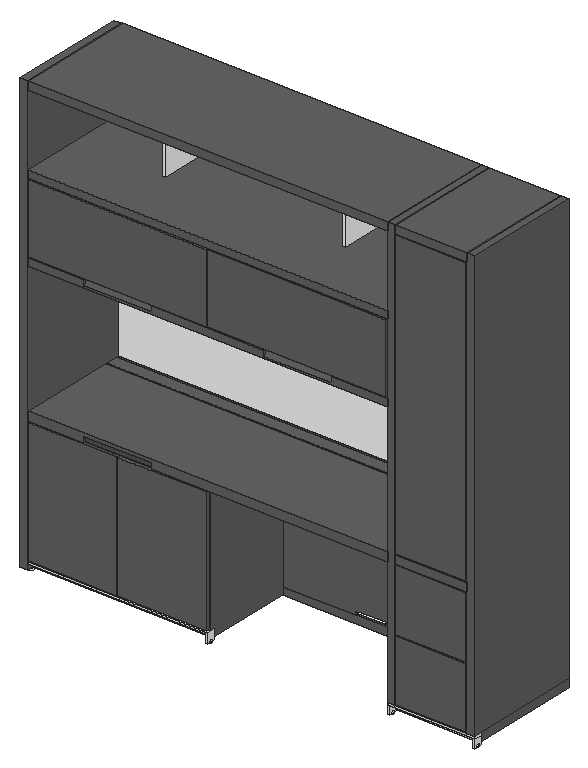
Revit family "Storage-Wall-Teknion-ZXRL_90_High_With_Lights-R2011", category Furniture Systems, Revit 2013
Parameters (values of type "(See Type Catalog)")
  Working Wall Finish [instance] = Glass - Teknion - K6 - White Backpainted
  Width = 92.642"
  Warranty = "http://www.teknionstudio.com/pdfs/Teknion%20Studio%20Warranty.pdf"
  Wall Unit Finish [instance] = Veneer - Teknion - P7 - Grey Oak
  Voltage = 120 V
  Unit Weight = 755.00 lbf
  URL = "www.teknionstudio.com"
  Tabletop Cutout Offset = if(Has Double Doors, 0", 4")  # 0"
  Storage Tower = Storage-Unit-Teknion-Tower : Upper Wardrobe & File/File Pedestal
  Series = "B&B Italia"
  Product Page URL = "http://www.teknionstudio.com/acexecutive/"
  Product Line = "AC Executive"
  Product Documentation Link = "http://www.teknionstudio.com/pricing/ac_executive_storage_walls_ppg.pdf"
  Power Factor = 1
  Part Number = "ZXRL"
  Number of Poles = 1
  Model = ""
  Manufacturer Phone = "919-464-2920"
  Manufacturer Fax = "919-464-2927"
  Manufacturer Email = "customersupport@teknionstudio.com"
  Manufacturer Address = "3940 US 70 Business HWY West, Clayton, NC 27520"
  Manufacturer = "Teknion Studio"  # constant formula
  Low Emitting Material = yes
  Low Emitting Finish = yes
  Height = 89.96"
  Has File File Drawers = not(Has Double Doors)  # no
  Has Double Doors = yes
  Description = ""
  Depth = 24"
  Assembly Code = "E2020200"
  Apparent Load = 22.8 VA
Reference planes (in)
  plane 1 "Center F/B": y = 0
  plane 2: z = 0
  plane 3 "Center L/R": x = 0
  plane 4 "Left": x = -46.321
  plane 5 "Right": x = 46.321
  plane 6 "Back": y = 12
  plane 7 "Front": y = -12
  plane 8 "Flip up Cabinets Top": z = 73.81394
  plane 9: x = 28.60446
  plane 10: z = 29.68402
  plane 11: z = 56.1289
  plane 12: x = -44.7815
  plane 13: z = 2.1289
  plane 14: x = -8.08858
  plane 15 "Foot Centerline": y = -11.2126
  plane 16 "Tabletop Cutout": y = -12
  plane 17 "Foot Centerline Front": y = -10.22835
  plane 18 "Foot Centerline Back": y = 10.22835
  plane 19 "Top": z = 89.96
  plane 20 "Center Lighting": y = -8.484
Forms (in)
  Sweep 1, solid, material "Veneer - Teknion - P7 - Grey Oak" <- "Wall Unit Finish"
    path origin (0, 0, 15.40683) x (-1, 0, 0) y (0, -1, 0)
      loop
        line (0, -12) -> (0, 12)
    profile origin (0, 0, 15.40683) x (1, 0, 0) y (0, 0, 1)
      loop
        line (-46.321, -14.81732) -> (-44.7815, -14.81732) -> (-44.7815, 74.55317) -> (-46.321, 74.55317) -> (-46.321, -14.81732)
  Sweep 2, solid, material "Metal - Teknion - C6 - Chrome"
    path origin (0, 0, 0) x (1, 0, 0) y (0, 0, 1)
      loop
        line (-44.7815, 2.1289) -> (-8.08858, 2.1289) -> (-8.08858, 0.05803)
    profile origin (-26.43504, 0, 2.1289) x (0, 0, 1) y (0, -1, 0)
      loop
        line (0, 12) -> (-0.394, 12) -> (-0.394, 10.4252) -> (0, 10.4252) -> (0, 12)
  Sweep 3, solid, material "Metal - Teknion - C6 - Chrome"
    path origin (0, 0, 0) x (1, 0, 0) y (0, 0, 1)
      loop
        line (-44.7815, 2.1289) -> (-8.08858, 2.1289)
    profile origin (-26.43504, 0, 2.1289) x (0, 0, 1) y (0, -1, 0)
      loop
        line (-0.394, 10.6222) -> (-1.5748, 10.6222) -> (-1.5748, 10.4252) -> (-0.394, 10.4252) -> (-0.394, 10.6222)
  Revolve 4, solid, material "Metal - Teknion - C6 - Chrome"
    sketch origin (0, -11.2126, 0) x (0, 0, -1) y (1, 0, 0)
      loop
        line (-0.4911, -8.28543) -> (-0.4911, -8.62008) -> (-0.45173, -8.65945) -> (-0.28492, -8.65945) -> (-0.24555, -8.62008) -> (-0.20618, -8.65945) -> (-0.03937, -8.65945) -> (0, -8.62008) -> (0, -8.28543) -> (-0.4911, -8.28543)
      axis (0, -8.28543) -> (-0.4911, -8.28543)
    angle from 0 to 360
  Sweep 5, solid, material "Veneer - Teknion - P7 - Grey Oak" <- "Wall Unit Finish"
    path origin (0, 0, 0) x (1, 0, 0) y (0, 0, 1)
      loop
        line (-44.7815, 29.68402) -> (28.60446, 29.68402)
    profile origin (-8.08852, 0, 29.68402) x (0, 0, 1) y (0, -1, 0)
      loop
        line (0, 12) -> (-1.7638, 12) -> (-1.7638, -7.11393) -> (-5.30827, -7.11393) -> (-5.30827, -7.08268) -> (-27.55512, -7.08268) -> (-27.55512, -7.11393) -> (-29.0945, -7.11393) -> (-29.0945, -7.80668) -> (-5.30828, -7.80668) -> (-5.30828, -12) -> (44.12992, -12) -> (44.12992, 12) -> (42.59055, 12) -> (42.59055, 11.2126) -> (27.98425, 11.2126) -> (27.98425, 12) -> (26.44488, 12) -> (26.44488, -10.94094) -> (0, -10.94094) -> (0, -10.90969) -> (-0.72441, -10.90969) -> (-0.72441, -10.56693) -> (0, -10.56693) -> (0, -8.05709) -> (-0.72441, -8.05709) -> (-0.72441, -7.80709) -> (0, -7.80709) -> (0, 12)
      loop
        line (60.27598, 12) -> (58.73661, 12) -> (58.73661, -12) -> (60.27598, -12) -> (60.27598, 12)
  Sweep 6, solid, material "Veneer - Teknion - P7 - Grey Oak" <- "Wall Unit Finish"
    path origin (0, 0, 0) x (1, 0, 0) y (0, 0, 1)
      loop
        line (-44.7815, 29.68402) -> (-8.08858, 29.68402)
    profile origin (-26.43504, 0, 29.68402) x (0, 0, 1) y (0, -1, 0)
      loop
        line (-1.7638, 11.27559) -> (-27.55512, 11.27559) -> (-27.55512, 10.4252) -> (-29.0945, 10.4252) -> (-29.0945, -12) -> (-1.7638, -12) -> (-1.7638, 11.27559)
  Sweep 7, solid, material "Veneer - Teknion - P7 - Grey Oak" <- "Wall Unit Finish"
    path origin (0, 0, 15.40683) x (-1, 0, 0) y (0, -1, 0)
      loop
        line (0, 12) -> (0, 11.276)
    profile origin (0, -11.638, 15.40683) x (-1, 0, 0) y (0, 0, 1)
      loop
        line (44.5315, 42.51144) -> (44.5315, 56.61773) -> (8.21358, 56.61773) -> (8.21358, 42.51144) -> (44.5315, 42.51144)
      loop
        line (7.96358, 56.61773) -> (-28.35446, 56.61773) -> (-28.35446, 42.51144) -> (7.96358, 42.51144) -> (7.96358, 56.61773)
  Sweep 8, solid, material "Veneer - Teknion - P7 - Grey Oak" <- "Wall Unit Finish", visible <- "Has Double Doors"
    path origin (0, 0, 15.40683) x (-1, 0, 0) y (0, -1, 0)
      loop
        line (0, 12) -> (0, 11.276)
    profile origin (0, -11.638, 15.40683) x (-1, 0, 0) y (0, 0, 1)
      loop
        line (44.5315, 12.26339) -> (26.54031, 12.26339) -> (26.54031, -13.03482) -> (44.5315, -13.03482) -> (44.5315, 12.26339)
      loop
        line (26.29031, 12.26339) -> (8.33858, 12.26339) -> (8.33858, -13.02793) -> (26.29031, -13.02793) -> (26.29031, 12.26339)
  Sweep 9, solid, material "Veneer - Teknion - P7 - Grey Oak" <- "Wall Unit Finish", visible <- "Has File File Drawers"
    path origin (0, 0, 15.40683) x (-1, 0, 0) y (0, -1, 0)
      loop
        line (0, 12) -> (0, 11.276)
    profile origin (0, -11.638, 15.40683) x (-1, 0, 0) y (0, 0, 1)
      loop
        line (44.5315, 12.26339) -> (8.33858, 12.26339) -> (8.33858, 0.01144) -> (44.5315, 0.01144) -> (44.5315, 12.26339)
      loop
        line (8.33858, -0.77597) -> (8.33858, -13.03482) -> (44.5315, -13.03482) -> (44.5315, -0.77597) -> (8.33858, -0.77597)
  Sweep 10, void
    path origin (0, 0, 0) x (1, 0, 0) y (0, 0, 1)
      loop
        line (-33.30512, 29.68402) -> (-19.52559, 29.68402)
    profile origin (-26.41535, 0, 29.68402) x (0, 0, 1) y (0, -1, 0)
      loop
        line (-1.7638, 12) -> (-1.7638, 11.52756) -> (-0.66143, 12) -> (-1.7638, 12)
  Sweep 11, void
    path origin (0, 0, 0) x (1, 0, 0) y (0, 0, 1)
      loop
        line (-33.3248, 56.1289) -> (-19.54528, 56.1289)
    profile origin (-26.43504, 0, 56.1289) x (0, 0, 1) y (0, -1, 0)
      loop
        line (1.53937, 12) -> (0.43699, 12) -> (1.53937, 11.52755) -> (1.53937, 12)
  Sweep 12, void
    path origin (0, 0, 0) x (1, 0, 0) y (0, 0, 1)
      loop
        line (3.36811, 56.1289) -> (17.14764, 56.1289)
    profile origin (10.25787, 0, 56.1289) x (0, 0, 1) y (0, -1, 0)
      loop
        line (1.53937, 11.52755) -> (1.53937, 12) -> (0.43699, 12) -> (1.53937, 11.52755)
  Sweep 13, void
    path origin (0, 0, 15.40683) x (-1, 0, 0) y (0, -1, 0)
      loop
        line (0, -7.80668) -> (0, -7.08268)
    profile origin (0, 7.44468, 15.40683) x (1, 0, 0) y (0, 0, 1)
      loop
        line (13.68307, 8.96892) -> (6.79331, 8.96892) -> (6.79331, 8.10396)
        arc (6.79331, 8.10396) -> (7.02393, 7.54718) -> (7.58071, 7.31655) r 0.7874
        line (7.58071, 7.31655) -> (12.89567, 7.31655)
        arc (12.89567, 7.31655) -> (13.45245, 7.54718) -> (13.68307, 8.10396) r 0.7874
        line (13.68307, 8.10396) -> (13.68307, 8.96892)
      loop
        line (6.79331, -13.27793) -> (13.68307, -13.27793) -> (13.68307, -13.12045)
        arc (13.68307, -13.12045) -> (13.46398, -12.59152) -> (12.93504, -12.37242) r 0.74803
        line (12.93504, -12.37242) -> (7.54134, -12.37242)
        arc (7.54134, -12.37242) -> (7.0124, -12.59152) -> (6.79331, -13.12045) r 0.74803
        line (6.79331, -13.12045) -> (6.79331, -13.27793)
  Revolve 14, solid, material "Metal - Teknion - C6 - Chrome"
    sketch origin (0, -10.22835, 0) x (0, 0, 1) y (1, 0, 0)
      loop
        line (0, -45.55118) -> (0, -46.28917) -> (0.23622, -46.28917) -> (0.23622, -45.83352) -> (0.58951, -45.83352) -> (0.58951, -45.55118) -> (0, -45.55118)
      axis (0, -45.55118) -> (0.58951, -45.55118)
    angle from 0 to 360
  Revolve 15, solid, material "Metal - Teknion - C6 - Chrome"
    sketch origin (0, 10.22835, 0) x (0, 0, 1) y (1, 0, 0)
      loop
        line (0, -45.55118) -> (0, -46.28917) -> (0.23622, -46.28917) -> (0.23622, -45.83352) -> (0.58951, -45.83352) -> (0.58951, -45.55118) -> (0, -45.55118)
      axis (0, -45.55118) -> (0.58951, -45.55118)
    angle from 0 to 360
  Sweep 16, solid, material "Acrylic - Teknion - Clear"
    path origin (0, 0, 15.40683) x (-1, 0, 0) y (0, -1, 0)
      loop
        line (8.08858, -11.25197) -> (8.08858, 0.16535)
    profile origin (-8.08858, 5.54331, 15.40683) x (1, 0, 0) y (0, 0, 1)
      loop
        line (-18.64357, 73.0138) -> (-18.64357, 58.4071) -> (-18.04908, 58.4071) -> (-18.04908, 73.0138) -> (-18.64357, 73.0138)
      loop
        line (18.04935, 73.0138) -> (18.04935, 58.4071) -> (18.64383, 58.4071) -> (18.64383, 73.0138) -> (18.04935, 73.0138)
Cuts and joins
  joined: Sweep 2, Sweep 3, Revolve 4
  Sweep 10, Sweep 11, Sweep 12, Sweep 13 cuts Sweep 5
  joined: Sweep 5, Sweep 6
Lines and regions (in)
  Masking region 1
    outline origin (0, 0, 15.40683) x (-1, 0, 0) y (0, -1, 0)
      loop
        line (46.321, -12) -> (46.321, 12) -> (-28.60446, 12) -> (-28.60446, -12) -> (46.321, -12)
  symbolic lines, style "Elevation Swing"
    curve 1: line (-44.7815, -12, 57.66827) -> (-26.43504, -12, 72.02457)
    curve 2: line (-8.08858, -12, 57.66832) -> (-26.43504, -12, 72.02457)
    curve 3: line (-8.08858, 0, 57.66832) -> (10.25794, 0, 72.19583)
    curve 4: line (10.25794, 0, 72.19583) -> (28.60446, 0, 57.66827)
  symbolic lines, style "Elevation Swing", visible <- "Has Double Doors"
    curve 5: line (-26.41531, 0, 27.86906) -> (-44.7815, 0, 15.02456)
    curve 6: line (-44.7815, 0, 15.02456) -> (-26.41531, 0, 2.21953)
    curve 7: line (-26.41531, 0, 2.21953) -> (-8.08858, 0, 15.02456)
    curve 8: line (-8.08858, 0, 15.02456) -> (-26.41531, 0, 27.86906)
  symbolic lines, detail levels medium+fine
    curve 9: line (-44.7815, 12, 15.40683) -> (-44.7815, -12, 15.40683)
  symbolic lines, style "FurnitureSystemsHiddenLines", detail levels fine
    curve 10: line (28.60446, -11.276, 15.40683) -> (-44.7815, -11.276, 15.40683)
    curve 15: line (-8.08858, 12, 15.40683) -> (-8.08858, -12, 15.40683)
  symbolic lines, visible <- "Has Double Doors"
    curve 11: arc (-26.43504, -12, 15.40683) -> (-21.06149, -24.9729, 15.40683) -> (-8.08858, -30.34646, 15.40683) r 18.34646
    curve 12: line (-44.7815, -12, 15.40683) -> (-44.7815, -30.34646, 15.40683)
    curve 13: line (-8.08858, -12, 15.40683) -> (-8.08858, -30.34646, 15.40683)
    curve 14: arc (-44.7815, -30.34646, 15.40683) -> (-31.80859, -24.9729, 15.40683) -> (-26.43504, -12, 15.40683) r 18.34646
Dimensions and locks (in)
  equal spacing: plane 4 "Left", plane 3 "Center L/R", plane 5 "Right"
  "Width": plane 4 "Left" to plane 5 "Right"
  equal spacing: plane 6 "Back", plane 1 "Center F/B", plane 7 "Front"
  "Depth": plane 6 "Back" to plane 7 "Front"
  locked: plane 9 to plane 5 "Right" at 17.71654
  "Height": plane 19 "Top" to plane 2
  locked: plane 10 to plane 2 at 29.68402
  locked: plane 11 to plane 10 at 26.44488
  locked: plane 13 to plane 2 at 2.1289
  locked: Sweep 2 sketch curve to plane 2 at 0.05803
  locked: plane 13 to Sweep 3 sketch curve at 0.394
  locked: Sweep 3 sketch curve to Sweep 3 sketch curve at 1.1808
  plane 7 "Front" to Sweep 3 sketch curve to Sweep 3 sketch curve = 1.3778" locked, 0.197" locked
  locked: Revolve 4 sketch curve to plane 2 at 0.4911
  locked: plane 14 to Revolve 4 sketch curve at 0.57087  (x2)
  Revolve 4 sketch curve to Revolve 4 sketch curve to Revolve 4 sketch curve to Revolve 4 sketch curve to Revolve 4 sketch curve to plane 2 = 0.16681" locked, 0.03937" locked, 0.03937" locked, 0.16681" locked, 0.03937" locked
  locked: plane 14 to Revolve 4 sketch curve at 0.19685
  locked: plane 7 "Front" to plane 15 "Foot Centerline" at 0.7874
  locked: plane 13 to Sweep 5 sketch curve at 1.53939
  locked: plane 10 to Sweep 5 sketch curve at 1.7638
  locked: Sweep 1 sketch curve to plane 2 at 0.58951
  Sweep 6 sketch curve to Sweep 6 sketch curve to plane 6 "Back" = 23.27559", 0"
  locked: plane 10 to Sweep 6 sketch curve at 1.7638
  locked: plane 7 "Front" to Sweep 6 sketch curve at 1.5748
  locked: plane 14 to plane 3 "Center L/R" at 8.08858
  locked: plane 7 "Front" to Sweep 7 sketch curve at 0.724
  plane 8 "Flip up Cabinets Top" to Sweep 7 sketch curve to Sweep 7 sketch curve = 1.78937" locked, 14.1063" locked
  plane 8 "Flip up Cabinets Top" to Sweep 7 sketch curve to Sweep 7 sketch curve = 1.78937", 14.1063"
  Sweep 7 sketch curve to plane 3 "Center L/R" to Sweep 7 sketch curve to Sweep 7 sketch curve to Sweep 7 sketch curve = 28.35446" locked, 7.96358" locked, 1/4" locked, 36.31791" locked
  locked: plane 7 "Front" to Sweep 8 sketch curve at 0.724
  locked: plane 10 to Sweep 8 sketch curve at 2.0138  (x2)
  locked: Sweep 8 sketch curve to Sweep 8 sketch curve at 25.29821
  locked: Sweep 8 sketch curve to Sweep 8 sketch curve at 25.29132
  Sweep 8 sketch curve to Sweep 8 sketch curve to Sweep 8 sketch curve to Sweep 8 sketch curve to plane 12 = 17.95173" locked, 1/4" locked, 17.99118" locked, 1/4" locked
  locked: plane 7 "Front" to Sweep 9 sketch curve at 0.724
  plane 10 to Sweep 9 sketch curve to Sweep 9 sketch curve to Sweep 9 sketch curve to Sweep 9 sketch curve = 2.0138" locked, 12.25195" locked, 0.7874" locked, 12.25886" locked
  plane 14 to Sweep 9 sketch curve to Sweep 9 sketch curve = 1/4" locked, 36.19291" locked  (x2)
  Sweep 10 sketch curve to Sweep 10 sketch curve to plane 4 "Left" = 13.77953" locked, 13.01588" locked
  locked: plane 10 to Sweep 10 sketch curve at 1.7638
  locked: plane 16 "Tabletop Cutout" to Sweep 10 sketch curve at 0.47244
  "Tabletop Cutout Offset": plane 16 "Tabletop Cutout" to plane 7 "Front"
  Sweep 11 sketch curve to Sweep 11 sketch curve to plane 4 "Left" = 13.77953" locked, 12.9962" locked
  locked: Sweep 11 sketch curve to plane 11 at 1.53937
  locked: Sweep 11 sketch curve to plane 11 at 0.43699
  locked: plane 7 "Front" to Sweep 11 sketch curve at 0.47245
  Sweep 12 sketch curve to Sweep 12 sketch curve to plane 11 = 1.10238" locked, 0.43699" locked
  locked: plane 7 "Front" to Sweep 12 sketch curve at 0.47245
  locked: Sweep 13 sketch curve to plane 13 at 0.90551
  Sweep 13 sketch curve to Sweep 13 sketch curve to plane 3 "Center L/R" = 6.88976" locked, 6.79331" locked  (x2)
  plane 10 to Sweep 13 sketch curve to Sweep 13 sketch curve = 5.30827" locked, 1 167/256" locked
  plane 6 "Back" to Sweep 13 sketch curve to Sweep 13 sketch curve = 4.19332" locked, 0.724" locked
  locked: Revolve 14 sketch curve to plane 4 "Left" at 0.76982
  Revolve 14 sketch curve to Revolve 14 sketch curve to plane 2 = 0.35329" locked, 0.23622" locked
  locked: Revolve 14 sketch curve to plane 4 "Left" at 0.03183
  locked: Revolve 15 sketch curve to plane 4 "Left" at 0.76982
  Revolve 15 sketch curve to Revolve 15 sketch curve to plane 2 = 0.35329" locked, 0.23622" locked
  locked: Revolve 15 sketch curve to plane 4 "Left" at 0.03183
  equal spacing: plane 14, curve 2, plane 12
  equal spacing: plane 9, curve 4, plane 14
  locked: plane 7 "Front" to curve 10 at 0.724
  plane 6 "Back" to Sweep 16 sketch curve to Sweep 16 sketch curve = 0.74803" locked, 11.41732" locked
  Sweep 16 sketch curve to Sweep 16 sketch curve to plane 14 = 0.59449" locked, 18.04935" locked
  plane 14 to Sweep 16 sketch curve to Sweep 16 sketch curve = 18.04908" locked, 0.59449" locked
  locked: plane 19 "Top" to Sweep 5 sketch curve at 1.53937
  locked: plane 8 "Flip up Cabinets Top" to Sweep 5 sketch curve at 1.53937
  locked: Sweep 5 sketch curve to plane 11 at 1.53937
  locked: plane 4 "Left" to plane 12 at 1.5395
  locked: plane 19 "Top" to plane 8 "Flip up Cabinets Top" at 16.14606
  locked: plane 6 "Back" to plane 18 "Foot Centerline Back" at 1.77165
  locked: plane 17 "Foot Centerline Front" to plane 7 "Front" at 1.77165
  equal spacing: plane 12, curve 14, plane 14
  locked: plane 7 "Front" to plane 20 "Center Lighting" at 3.516
  aligned and locked: level to plane 2
  aligned and locked: nested 1 to plane 5 "Right"
  aligned and locked: plane 6 "Back" to Sweep 1 sketch curve
  aligned and locked: plane 7 "Front" to Sweep 1 sketch curve
  aligned and locked: Sweep 1 sketch curve to plane 3 "Center L/R"
  aligned and locked: plane 4 "Left" to Sweep 1 sketch curve  (x2)
  aligned and locked: plane 12 to Sweep 2 sketch curve
  aligned and locked: Sweep 2 sketch curve to plane 13  (x2)
  aligned and locked: Sweep 2 sketch curve to plane 7 "Front"
  aligned and locked: plane 12 to Sweep 3 sketch curve
  aligned and locked: plane 14 to Sweep 3 sketch curve
  aligned and locked: Sweep 3 sketch curve to plane 13
  aligned and locked: plane 2 to Revolve 4 sketch curve
  aligned and locked: Revolve 4 sketch curve to plane 2
  aligned and locked: plane 12 to Sweep 5 sketch curve
  aligned and locked: plane 9 to Sweep 5 sketch curve
  aligned and locked: Sweep 5 sketch curve to plane 10  (x3)
  aligned and locked: Sweep 5 sketch curve to plane 7 "Front"  (x3)
  aligned and locked: plane 6 "Back" to Sweep 5 sketch curve
  aligned and locked: plane 14 to Sweep 6 sketch curve
  aligned and locked: plane 12 to Sweep 6 sketch curve
  aligned and locked: Sweep 6 sketch curve to plane 10
  aligned and locked: plane 13 to Sweep 6 sketch curve
  aligned and locked: plane 3 "Center L/R" to Sweep 7 sketch curve
  aligned and locked: plane 7 "Front" to Sweep 7 sketch curve
  aligned and locked: Sweep 5 sketch curve to plane 11
  aligned and locked: plane 3 "Center L/R" to Sweep 8 sketch curve
  aligned and locked: plane 7 "Front" to Sweep 8 sketch curve
  aligned and locked: plane 7 "Front" to Sweep 9 sketch curve
  aligned and locked: plane 3 "Center L/R" to Sweep 9 sketch curve
  aligned and locked: Sweep 10 sketch curve to plane 10
  aligned and locked: plane 16 "Tabletop Cutout" to Sweep 10 sketch curve
  aligned and locked: Sweep 11 sketch curve to plane 11
  aligned and locked: Sweep 12 sketch curve to plane 11
  aligned and locked: Sweep 12 sketch curve to plane 7 "Front"
  aligned and locked: Sweep 13 sketch curve to plane 3 "Center L/R"
  aligned and locked: Sweep 13 sketch curve to plane 13
  aligned and locked: plane 2 to Revolve 14 sketch curve
  aligned and locked: Revolve 15 sketch curve to plane 2
  aligned and locked: plane 12 to curve 1
  aligned and locked: plane 14 to curve 2
  aligned and locked: Sweep 7 to curve 2
  aligned and locked: plane 9 to curve 4
  aligned and locked: plane 14 to curve 3
  aligned and locked: Masking region 1 sketch curve to plane 6 "Back"
  aligned and locked: plane 4 "Left" to Masking region 1 sketch curve
  aligned and locked: Masking region 1 sketch curve to plane 7 "Front"
  aligned and locked: Masking region 1 sketch curve to nested 1
  aligned and locked: plane 6 "Back" to curve 9
  aligned and locked: plane 7 "Front" to curve 9
  aligned and locked: curve 9 to plane 12
  aligned and locked: plane 9 to curve 10
  aligned and locked: curve 12 to plane 12
  aligned and locked: curve 13 to plane 14
  aligned and locked: plane 6 "Back" to curve 15
  aligned and locked: plane 7 "Front" to curve 15
  aligned and locked: curve 15 to plane 14
  aligned and locked: plane 7 "Front" to Sweep 11 sketch curve
  aligned and locked: Sweep 1 sketch curve to plane 19 "Top"
  aligned and locked: Sweep 16 sketch curve to plane 14
  aligned and locked: plane 8 "Flip up Cabinets Top" to Sweep 16 sketch curve  (x2)
  aligned and locked: Sweep 5 sketch curve to plane 8 "Flip up Cabinets Top"
  aligned and locked: Sweep 5 sketch curve to plane 6 "Back"
  aligned and locked: Sweep 5 sketch curve to plane 19 "Top"
  aligned and locked: Sweep 5 sketch curve to plane 15 "Foot Centerline"
  aligned and locked: plane 7 "Front" to Sweep 5 sketch curve
  aligned and locked: plane 2 to nested 1
  aligned and locked: Sweep 1 sketch curve to plane 12
  aligned and locked: plane 7 "Front" to curve 14
  aligned and locked: plane 1 "Center F/B" to nested 1
  aligned and locked: plane 11 to nested 2
  aligned and locked: plane 14 to nested 2
Automatic sketch dimensions
  Sweep 2 sketch curve to plane 3 "Center L/R" = 8.08858"
  Sweep 2 sketch curve to Sweep 2 sketch curve = 1.5748"
  Revolve 4 sketch curve to Revolve 4 sketch curve = 0"  (x2)
  Revolve 4 sketch curve to Revolve 4 sketch curve = 0.03937"  (x2)
  Sweep 6 sketch curve to Sweep 6 sketch curve = 1.53939"
  profile plane to Sweep 10 sketch curve = 0.66143"
  plane 3 "Center L/R" to Sweep 12 sketch curve = 3.36811"
  Sweep 12 sketch curve to plane 9 = 11.45683"
  Sweep 13 sketch curve to Sweep 13 sketch curve = 0.7874"  (x2)
  Sweep 13 sketch curve to Sweep 13 sketch curve = 0.15748"  (x2)
  Revolve 14 sketch curve to level = 0"
  Revolve 14 sketch curve to Revolve 14 sketch curve = 0"  (x2)
  Revolve 14 sketch curve to Revolve 14 sketch curve = 0.28234"
  Revolve 15 sketch curve to level = 0"
  Revolve 15 sketch curve to Revolve 15 sketch curve = 0"  (x2)
  Revolve 15 sketch curve to Revolve 15 sketch curve = 0.28234"
  plane 11 to curve 2 = 1.53942"
  plane 11 to curve 1 = 1.53937"
  curve 5 to plane 12 = 0"
  curve 7 to plane 14 = 0"
  plane 12 to curve 5 = 18.36618"
  plane 13 to curve 6 = 0.09063"
  curve 6 to plane 14 = 18.32673"
  curve 8 to plane 10 = 1.81496"
  plane 13 to curve 7 = 12.89566"
  plane 13 to curve 5 = 12.89566"
  plane 11 to curve 4 = 1.53937"
  plane 11 to curve 3 = 1.53942"
  curve 3 to plane 8 "Flip up Cabinets Top" = 1.61811"
  curve 14 to curve 11 = 0"
  Sweep 2 sketch curve to Sweep 2 sketch curve = 0.394"
  Sweep 16 sketch curve to Sweep 16 sketch curve = 14.60669"  (x2)
  profile plane to Sweep 5 sketch curve = 0"
  Sweep 5 sketch curve to Sweep 5 sketch curve = 1.53939"
  Sweep 5 sketch curve to Sweep 5 sketch curve = 3.54449"
  Sweep 5 sketch curve to Sweep 5 sketch curve = 0"
  Sweep 5 sketch curve to Sweep 5 sketch curve = 0.72441"
  profile plane to Sweep 5 sketch curve = 0.72441"
  Sweep 5 sketch curve to plane 1 "Center F/B" = 10.94094"
  Sweep 5 sketch curve to Sweep 5 sketch curve = 1/32"  (x2)
  Sweep 5 sketch curve to Sweep 5 sketch curve = 0.34277"
  Sweep 5 sketch curve to Sweep 5 sketch curve = 2.50984"
  Sweep 5 sketch curve to Sweep 5 sketch curve = 1/4"
  Sweep 5 sketch curve to Sweep 5 sketch curve = 4.19332"
  Sweep 5 sketch curve to Sweep 5 sketch curve = 0.69275"
  Sweep 5 sketch curve to Sweep 5 sketch curve = 0.69316"
Nested families (in)
  nested 1: "Storage-Unit-Teknion-Tower" at (37.46273, 0, 0), type <- "Storage Tower", Height <- "Height", type "Upper Wardrobe & File/File Pedestal"
    with Height 89.96", Has Top Shelf no, Bottom Drawer Height 13.047"
  nested 2: "Lighting-Teknion-Storage_Wall" at (-8.08858, 0.12401, 56.1289), type "Lighting-Teknion-Storage_Wall"
Connectors (in)
  electrical at (-8.08854, 12, 32.92639), driven by "Number of Poles", driven by "Voltage", driven by "Apparent Load", driven by "Power Factor"
    settings: on cut or joined group of Sweep 5, Sweep 6, Sweep 10, Sweep 11, Sweep 12, Sweep 13, index 1, voltage 120 V, apparent load 0 VA, apparent load phase1 22.8 VA, apparent load phase2 0 VA, apparent load phase3 0 VA, power factor 1, load classification "Other", number of poles 1, system type 31, power factor state 1, is connector primary yes, connector utility no, sub classification motor no, connector description "Electrical Connector"
Definition of nested family "Storage-Unit-Teknion-Tower"
  Parameters (values of type "Upper Wardrobe & Lower Door")
    Width = 17.71654"
    Warranty = "http://www.teknionstudio.com/pdfs/Teknion%20Studio%20Warranty.pdf"
    Wall Unit Finish = Veneer - Teknion - P8 - Light Brushed Oak
    URL = "www.teknionstudio.com"
    Series = "B&B Italia"
    Product Line = "AC Executive"
    Model = ""
    Middle Drawer Height = if(Has Top Drawer, 6.425", 12.719")  # 12.719"
    Manufacturer Phone = "919-464-2920"
    Manufacturer Fax = "919-464-2927"
    Manufacturer Email = "customersupport@teknionstudio.com"
    Manufacturer Address = "3940 US 70 Business HWY West, Clayton, NC 27520"
    Manufacturer = "Teknion Studio"  # constant formula
    Height [instance] = 73.81394"
    Has Top Shelf [instance] = and(Height > 75", Has Shelves)  # no
    Has Top Drawer = no
    Has Top Door = yes
    Has Shelves = no
    Has Right Leg = yes
    Has Middle Drawer = no
    Has Lower Shelf = yes
    Has Left Leg = yes
    Has Full Wardrobe Door = no
    Has Doors = yes
    Door Projection Symbol = yes
    Description = "Tower Storage Unit"
    Depth = 24"
    Bottom Drawer Height [instance] = if(Has Middle Drawer, 13.047", if(Has Top Drawer, 13.047", if(Has Full Wardrobe Door, (Height - 3.668"), 26.016")))  # 26.016"
    Assembly Code = "E2010200"
  Types (7): name | Wall Unit Finish | Series | Product Line | Middle Drawer Height | Has Top Drawer | Has Top Door | Has Shelves | Has Middle Drawer | Has Lower Shelf | Has Full Wardrobe Door | Has Doors | Door Projection Symbol | Bottom Drawer Height
    Upper Shelves & Lower Door | none | "AC Executive" | "" | 12.719" | no | no | yes | no | yes | no | yes | yes | 26.016"
    Upper Shelves & File/File Pedestal | none | "AC Executive" | "" | 12.719" | no | no | yes | yes | yes | no | no | no | 13.047"
    Upper Shelves & Box/Box/File Pedestal | Veneer - Teknion - P8 - Light Brushed Oak | "AC Executive" | "" | 6.425" | yes | no | yes | yes | yes | yes | no | no | 13.047"
    Full Wardrobe | none | "AC Executive" | "" | 12.719" | no | no | no | no | no | yes | yes | yes | 70.14594"
    Upper Wardrobe & Lower Door | Veneer - Teknion - P8 - Light Brushed Oak | "B&B Italia" | "AC Executive" | 12.719" | no | yes | no | no | yes | no | yes | yes | 26.016"
    Upper Wardrobe & File/File Pedestal | none | "AC Executive" | "" | 12.719" | no | yes | no | yes | yes | no | no | yes | 13.047"
    Upper Wardrobe & Box/Box/File Pedestal | none | "AC Executive" | "" | 6.425" | yes | yes | no | yes | yes | no | no | yes | 13.047"
  Reference planes (in)
    plane 1 "Center F/B": y = 0
    plane 2: z = 0
    plane 3 "Center L/R": x = 0
    plane 4 "Left": x = -8.85827
    plane 5 "Right": x = 8.85827
    plane 6 "Back": y = 12
    plane 7 "Front": y = -12
    plane 8 "Top": z = 73.81394
    plane 9: x = -7.3189
    plane 10: x = 7.3189
    plane 11: z = 2.1289
    plane 12 "Foot Centerline": y = -11.2126
    plane 13: z = 29.68402
    plane 14 "Drawer 1 Top": z = 28.1449
    plane 15 "Drawer 2 Top": z = 40.8639
    plane 16 "Drawer 3 Top": z = 27.89502
    plane 17: z = 42.13677
  Forms (in)
    Sweep 1, solid, material "Metal - Teknion - C6 - Chrome", visible <- "Has Left Leg"
      path origin (0, -12, 0) x (1, 0, 0) y (0, 0, 1)
        loop
          line (-8.85827, 1.7349) -> (-8.85827, 0.05803)
      profile origin (-8.85827, -12, 0.89646) x (0, -1, 0) y (1, 0, 0)
        loop
          line (-1.5748, 0) -> (0, 0) -> (0, 0.394) -> (-1.5748, 0.394) -> (-1.5748, 0)
    Sweep 2, solid, material "Metal - Teknion - C6 - Chrome"
      path origin (0, -12, 0) x (1, 0, 0) y (0, 0, 1)
        loop
          line (-8.46427, 2.1289) -> (8.46427, 2.1289)
      profile origin (0, -12, 2.1289) x (0, 0, 1) y (0, -1, 0)
        loop
          line (-0.394, -1.5748) -> (-0.394, -1.3778) -> (-1.575, -1.3778) -> (-1.575, -1.5748) -> (-0.394, -1.5748)
    Revolve 3, solid, material "Metal - Teknion - C6 - Chrome"
      sketch origin (0, -11.2126, 0) x (0, 0, -1) y (1, 0, 0)
        loop
          line (-0.4911, 8.32677) -> (-0.45173, 8.2874) -> (-0.28492, 8.2874) -> (-0.24555, 8.32677) -> (-0.20618, 8.2874) -> (-0.03937, 8.2874) -> (0, 8.32677) -> (0, 8.66142) -> (-0.4911, 8.66142) -> (-0.4911, 8.32677)
        axis (0, 8.66142) -> (-0.4911, 8.66142)
      angle from 0 to 360
    Revolve 4, solid, material "Metal - Teknion - C6 - Chrome", visible <- "Has Left Leg"
      sketch origin (0, -11.2126, 0) x (0, 0, -1) y (1, 0, 0)
        loop
          line (0, -8.99606) -> (0, -8.66142) -> (-0.4911, -8.66142) -> (-0.4911, -8.99606) -> (-0.45173, -9.03543) -> (-0.28492, -9.03543) -> (-0.24555, -8.99606) -> (-0.20618, -9.03543) -> (-0.03937, -9.03543) -> (0, -8.99606)
        axis (0, -8.66142) -> (-0.4911, -8.66142)
      angle from 0 to 360
    Sweep 5, solid, material "Veneer - Teknion - P8 - Light Brushed Oak" <- "Wall Unit Finish"
      path origin (0, 0, 0) x (1, 0, 0) y (0, 0, 1)
        loop
          line (0, 2.1289) -> (0, 73.81394)
      profile origin (0, 0, 37.97142) x (-1, 0, 0) y (0, -1, 0)
        loop
          line (8.85827, -12) -> (8.85827, 12) -> (7.3189, 12) -> (7.3189, -12) -> (8.85827, -12)
        loop
          line (-7.3189, 12) -> (-8.85827, 12) -> (-8.85827, -12) -> (-7.3189, -12) -> (-7.3189, 12)
    Sweep 6, solid, material "Veneer - Teknion - P8 - Light Brushed Oak" <- "Wall Unit Finish"
      path origin (0, 0, 15.40683) x (-1, 0, 0) y (0, -1, 0)
        loop
          line (0, -12) -> (0, 12)
      profile origin (0, 0, 15.40683) x (1, 0, 0) y (0, 0, 1)
        loop
          line (-7.3189, 58.4071) -> (-7.3189, 56.86773) -> (7.3189, 56.86773) -> (7.3189, 58.4071) -> (-7.3189, 58.4071)
    Sweep 7, solid, material "Veneer - Teknion - P8 - Light Brushed Oak" <- "Wall Unit Finish"
      path origin (0, -12, 0) x (1, 0, 0) y (0, 0, 1)
        loop
          line (0, 2.1289) -> (0, 72.27457)
      profile origin (0, -12, 37.20173) x (-1, 0, 0) y (0, -1, 0)
        loop
          line (7.3189, -24) -> (7.3189, -23.25) -> (-7.3189, -23.25) -> (-7.3189, -24) -> (7.3189, -24)
    Sweep 8, solid, material "Veneer - Teknion - P8 - Light Brushed Oak" <- "Wall Unit Finish", visible <- "Has Lower Shelf"
      path origin (0, -12, 0) x (1, 0, 0) y (0, 0, 1)
        loop
          line (-7.3189, 29.68402) -> (7.3189, 29.68402)
      profile origin (0, -12, 29.68402) x (0, 0, 1) y (0, -1, 0)
        loop
          line (0, 0) -> (-1.539, 0) -> (-1.539, -0.724) -> (-27.55512, -0.724) -> (-27.55512, -23.25) -> (0, -23.25) -> (0, 0)
    Sweep 9, solid, material "Veneer - Teknion - P8 - Light Brushed Oak" <- "Wall Unit Finish"
      path origin (0, -12, 0) x (1, 0, 0) y (0, 0, 1)
        loop
          line (0, 2.3789) -> (0, 27.8949)
      profile origin (0, -12, 15.1369) x (-1, 0, 0) y (0, -1, 0)
        loop
          line (7.0689, -0.724) -> (7.0689, 0) -> (-7.0689, 0) -> (-7.0689, -0.724) -> (7.0689, -0.724)
    Sweep 10, solid, material "Veneer - Teknion - P8 - Light Brushed Oak" <- "Wall Unit Finish", visible <- "Has Middle Drawer"
      path origin (0, -12, 0) x (1, 0, 0) y (0, 0, 1)
        loop
          line (0, 28.1449) -> (0, 40.8639)
      profile origin (0, -12, 34.5044) x (-1, 0, 0) y (0, -1, 0)
        loop
          line (7.0689, -0.724) -> (7.0689, 0) -> (-7.0689, 0) -> (-7.0689, -0.724) -> (7.0689, -0.724)
    Sweep 11, solid, material "Veneer - Teknion - P8 - Light Brushed Oak" <- "Wall Unit Finish", visible <- "Has Top Drawer"
      path origin (0, -12, 0) x (1, 0, 0) y (0, 0, 1)
        loop
          line (0, 47.15802) -> (0, 41.1139)
      profile origin (0, -12, 44.13596) x (0, -1, 0) y (1, 0, 0)
        loop
          line (0, 7.0689) -> (-0.724, 7.0689) -> (-0.724, -7.0689) -> (0, -7.0689) -> (0, 7.0689)
    Sweep 12, solid, material "Veneer - Teknion - P8 - Light Brushed Oak" <- "Wall Unit Finish", visible <- "Has Shelves"
      path origin (0, -12, 0) x (1, 0, 0) y (0, 0, 1)
        loop
          line (0, 42.13677) -> (0, 43.67614)
      profile origin (0, -12, 42.90646) x (-1, 0, 0) y (0, -1, 0)
        loop
          line (7.3189, -23.25) -> (7.3189, 0) -> (-7.3189, 0) -> (-7.3189, -23.25) -> (7.3189, -23.25)
    Sweep 13, solid, material "Veneer - Teknion - P8 - Light Brushed Oak" <- "Wall Unit Finish", visible <- "Has Shelves"
      path origin (0, -12, 13.9918) x (1, 0, 0) y (0, 0, 1)
        loop
          line (0, 42.13677) -> (0, 43.67614)
      profile origin (0, -12, 56.89825) x (-1, 0, 0) y (0, -1, 0)
        loop
          line (7.3189, -23.25) -> (7.3189, 0) -> (-7.3189, 0) -> (-7.3189, -23.25) -> (7.3189, -23.25)
    Sweep 14, solid, material "Veneer - Teknion - P8 - Light Brushed Oak" <- "Wall Unit Finish", visible <- "Has Top Door"
      path origin (0, -12, 0) x (1, 0, 0) y (0, 0, 1)
        loop
          line (0, 29.93402) -> (0, 72.02457)
      profile origin (0, -12, 50.97929) x (-1, 0, 0) y (0, -1, 0)
        loop
          line (7.0689, -0.724) -> (7.0689, 0) -> (-7.0689, 0) -> (-7.0689, -0.724) -> (7.0689, -0.724)
    Sweep 15, solid, material "Veneer - Teknion - P8 - Light Brushed Oak" <- "Wall Unit Finish"
      path origin (0, -12, 0) x (1, 0, 0) y (0, 0, 1)
        loop
          line (-8.85827, 2.1289) -> (8.85827, 2.1289)
      profile origin (0, -12, 2.1289) x (0, 0, 1) y (0, -1, 0)
        loop
          line (0, -1.5748) -> (-1.53937, -1.5748) -> (-1.53937, -24) -> (0, -24) -> (0, -1.5748)
    Sweep 16, solid, material "Veneer - Teknion - P8 - Light Brushed Oak" <- "Wall Unit Finish", visible <- "Has Top Shelf"
      path origin (0, 0, 0) x (1, 0, 0) y (0, 0, 1)
        loop
          line (0, 73.81394) -> (0, 72.27457)
      profile origin (0, 0, 73.04425) x (0, -1, 0) y (1, 0, 0)
        loop
          line (-11.25, -7.3189) -> (12, -7.3189) -> (12, 7.3189) -> (-11.25, 7.3189) -> (-11.25, -7.3189)
    Sweep 17, solid, material "Metal - Teknion - C6 - Chrome"
      path origin (0, 0, 0) x (1, 0, 0) y (0, 0, 1)
        loop
          line (-8.85827, 2.1289) -> (8.85827, 2.1289)
      profile origin (0, 0, 2.1289) x (0, 0, 1) y (0, -1, 0)
        loop
          line (0, 10.4252) -> (0, 12) -> (-0.394, 12) -> (-0.394, 10.4252) -> (0, 10.4252)
    Sweep 18, solid, material "Metal - Teknion - C6 - Chrome"
      path origin (0, 0, 0) x (1, 0, 0) y (0, 0, 1)
        loop
          line (8.85827, 1.7349) -> (8.85827, 0.05803)
      profile origin (8.85827, 0, 0.89646) x (0, -1, 0) y (1, 0, 0)
        loop
          line (10.4252, -0.394) -> (12, -0.394) -> (12, 0) -> (10.4252, 0) -> (10.4252, -0.394)
  Lines and regions (in)
    Masking region 1
      outline origin (0, 0, 15.40683) x (-1, 0, 0) y (0, -1, 0)
        loop
          line (8.85827, -12) -> (8.85827, 12) -> (-8.85827, 12) -> (-8.85827, -12) -> (8.85827, -12)
    symbolic lines, style "FurnitureSystems", detail levels medium+fine
      curve 1: line (-7.3189, 12, 15.40683) -> (-7.3189, -12, 15.40683)
      curve 2: line (7.3189, 12, 15.40683) -> (7.3189, -12, 15.40683)
    symbolic lines, style "FurnitureSystemsHiddenLines", detail levels fine
      curve 3: line (-7.3189, -11.276, 15.40683) -> (7.3189, -11.276, 15.40683)
    symbolic lines, style "Elevation Swing", visible <- "Has Doors"
      curve 4: line (-7.3189, -12, 2.1289) -> (7.3189, -12, 15.1369)
      curve 5: line (7.3189, -12, 15.1369) -> (-7.3189, -12, 28.1449)
    symbolic lines, style "Elevation Swing", visible <- "Has Top Door"
      curve 6: line (-7.3189, -12, 29.68402) -> (7.3189, -12, 50.97929)
      curve 7: line (7.3189, -12, 50.97929) -> (-7.3189, -12, 72.27457)
    symbolic lines, style "FurnitureSystems", visible <- "Door Projection Symbol"
      curve 8: arc (-7.3189, -12, 0) -> (-3.03159, -22.35048, 0) -> (7.3189, -26.6378, 0) r 14.6378
    symbolic lines, visible <- "Door Projection Symbol"
      curve 9: line (7.3189, -12, 15.40683) -> (7.3189, -26.6378, 15.40683)
  Dimensions and locks (in)
    equal spacing: plane 4 "Left", plane 3 "Center L/R", plane 5 "Right"
    "Width": plane 4 "Left" to plane 5 "Right"
    equal spacing: plane 6 "Back", plane 1 "Center F/B", plane 7 "Front"
    "Depth": plane 6 "Back" to plane 7 "Front"
    locked: plane 4 "Left" to plane 9 at 1.53937
    locked: plane 10 to plane 5 "Right" at 1.53937
    "Height": plane 8 "Top" to level
    locked: Sweep 1 sketch curve to level at 0.05803
    locked: plane 11 to plane 2 at 2.1289
    plane 11 to Sweep 2 sketch curve to Sweep 2 sketch curve = 0.394" locked, 1.181" locked
    plane 7 "Front" to Sweep 2 sketch curve to Sweep 2 sketch curve = 1.3778" locked, 0.197" locked
    locked: Revolve 3 sketch curve to plane 2 at 0.4911  (x2)
    locked: plane 5 "Right" to Revolve 3 sketch curve at 0.57087
    locked: plane 7 "Front" to plane 12 "Foot Centerline" at 0.7874
    Revolve 3 sketch curve to Revolve 3 sketch curve to Revolve 3 sketch curve to Revolve 3 sketch curve to plane 2 = 0.16681" locked, 0.07874" locked, 0.16681" locked, 0.03937" locked
    locked: Revolve 4 sketch curve to plane 2 at 0.4911  (x2)
    locked: Revolve 4 sketch curve to Revolve 4 sketch curve at 0.37402
    Revolve 4 sketch curve to Revolve 4 sketch curve to Revolve 4 sketch curve to Revolve 4 sketch curve to plane 2 = 0.16681" locked, 0.07874" locked, 0.16681" locked, 0.03937" locked
    locked: Revolve 4 sketch curve to plane 4 "Left" at 0.19685
    locked: plane 8 "Top" to Sweep 6 sketch curve at 1.53937
    locked: plane 8 "Top" to Sweep 7 sketch curve at 1.53937
    locked: plane 6 "Back" to Sweep 7 sketch curve at 0.75
    locked: plane 13 to plane 2 at 29.68402
    locked: plane 7 "Front" to Sweep 8 sketch curve at 0.724
    locked: plane 13 to Sweep 8 sketch curve at 1.539
    locked: plane 13 to plane 16 "Drawer 3 Top" at 1.789
    "Bottom Drawer Height": plane 14 "Drawer 1 Top" to plane 11
    "Middle Drawer Height": plane 15 "Drawer 2 Top" to plane 14 "Drawer 1 Top"
    locked: plane 14 "Drawer 1 Top" to Sweep 9 sketch curve at 0.25
    locked: plane 7 "Front" to Sweep 9 sketch curve at 0.724
    locked: Sweep 10 sketch curve to plane 12 "Foot Centerline" at 0.0634
    locked: plane 7 "Front" to Sweep 11 sketch curve at 0.724
    locked: plane 17 to plane 13 at 12.45276
    group 1 to group 2 = 0"  (x2)
    group 1 to group 2 = 13.9918"
    locked: Sweep 13 to plane 17 at 13.9918
    locked: plane 8 "Top" to Sweep 14 sketch curve at 1.78937
    locked: Sweep 14 sketch curve to plane 13 at 0.25
    locked: plane 7 "Front" to Sweep 14 sketch curve at 0.724
    locked: plane 11 to Sweep 15 sketch curve at 1.53937
    locked: plane 7 "Front" to Sweep 15 sketch curve at 1.5748
    equal spacing: Sweep 6, curve 7, plane 13
    equal spacing: plane 14 "Drawer 1 Top", curve 5, plane 11
    locked: plane 6 "Back" to Sweep 16 sketch curve at 0.75
    Sweep 16 sketch curve to Sweep 16 sketch curve to plane 2 = 1.53937" locked, 72.27457" locked
    locked: Sweep 9 sketch curve to plane 11 at 0.25
    locked: plane 9 to Sweep 9 sketch curve at 0.25
    locked: Sweep 9 sketch curve to plane 10 at 0.25
    locked: Sweep 11 sketch curve to plane 15 "Drawer 2 Top" at 0.25
    locked: plane 9 to Sweep 11 sketch curve at 0.25
    locked: Sweep 11 sketch curve to plane 10 at 0.25
    locked: Sweep 10 sketch curve to plane 10 at 0.25
    locked: plane 9 to Sweep 10 sketch curve at 0.25
    locked: Sweep 11 sketch curve to Sweep 11 sketch curve at 6.04412
    locked: Sweep 14 sketch curve to plane 10 at 0.25
    locked: plane 9 to Sweep 14 sketch curve at 0.25
    locked: plane 4 "Left" to Sweep 1 sketch curve at 0.394
    locked: plane 7 "Front" to Sweep 1 sketch curve at 1.5748
    locked: plane 11 to Sweep 1 sketch curve at 0.394
    locked: Sweep 17 sketch curve to plane 7 "Front" at 1.5748
    locked: plane 11 to Sweep 17 sketch curve at 0.394
    locked: Sweep 18 sketch curve to plane 2 at 0.05803
    locked: Sweep 18 sketch curve to plane 5 "Right" at 0.394
    locked: plane 7 "Front" to Sweep 18 sketch curve at 1.5748
    locked: plane 11 to Sweep 18 sketch curve at 0.394
    locked: plane 5 "Right" to Sweep 2 sketch curve at 0.394
    locked: Sweep 2 sketch curve to plane 4 "Left" at 0.394
    aligned and locked: level to plane 2
    aligned and locked: Sweep 1 sketch curve to plane 4 "Left"
    aligned and locked: Sweep 2 sketch curve to plane 11
    aligned and locked: plane 2 to Revolve 3 sketch curve
    aligned and locked: Revolve 3 sketch curve to plane 2
    aligned and locked: plane 2 to Revolve 4 sketch curve
    aligned and locked: Revolve 4 sketch curve to plane 2
    aligned and locked: plane 8 "Top" to Sweep 5 sketch curve
    aligned and locked: plane 11 to Sweep 5 sketch curve
    aligned and locked: plane 3 "Center L/R" to Sweep 5 sketch curve
    aligned and locked: Sweep 5 sketch curve to plane 6 "Back"
    aligned and locked: plane 6 "Back" to Sweep 5 sketch curve
    aligned and locked: Sweep 5 sketch curve to plane 10
    aligned and locked: plane 5 "Right" to Sweep 5 sketch curve
    aligned and locked: Sweep 5 sketch curve to plane 9
    aligned and locked: plane 4 "Left" to Sweep 5 sketch curve
    aligned and locked: Sweep 5 sketch curve to plane 7 "Front"
    aligned and locked: plane 7 "Front" to Sweep 5 sketch curve
    aligned and locked: plane 6 "Back" to Sweep 6 sketch curve
    aligned and locked: plane 7 "Front" to Sweep 6 sketch curve
    aligned and locked: Sweep 6 sketch curve to plane 3 "Center L/R"
    aligned and locked: plane 9 to Sweep 6 sketch curve
    aligned and locked: Sweep 6 sketch curve to plane 8 "Top"
    aligned and locked: Sweep 6 sketch curve to plane 10
    aligned and locked: plane 11 to Sweep 7 sketch curve
    aligned and locked: plane 3 "Center L/R" to Sweep 7 sketch curve
    aligned and locked: plane 9 to Sweep 7 sketch curve
    aligned and locked: Sweep 7 sketch curve to plane 10
    aligned and locked: Sweep 7 sketch curve to plane 6 "Back"
    aligned and locked: plane 9 to Sweep 8 sketch curve
    aligned and locked: plane 10 to Sweep 8 sketch curve
    aligned and locked: Sweep 8 sketch curve to plane 13  (x2)
    aligned and locked: plane 7 "Front" to Sweep 8 sketch curve
    aligned and locked: Sweep 8 sketch curve to plane 11
    aligned and locked: plane 3 "Center L/R" to Sweep 9 sketch curve
    aligned and locked: Sweep 9 sketch curve to plane 7 "Front"
    aligned and locked: plane 15 "Drawer 2 Top" to Sweep 10 sketch curve
    aligned and locked: plane 14 "Drawer 1 Top" to Sweep 10 sketch curve
    aligned and locked: plane 3 "Center L/R" to Sweep 10 sketch curve
    aligned and locked: plane 7 "Front" to Sweep 10 sketch curve
    aligned and locked: Sweep 11 sketch curve to plane 3 "Center L/R"
    aligned and locked: Sweep 11 sketch curve to plane 7 "Front"
    aligned and locked: Sweep 13 to plane 9
    aligned and locked: plane 3 "Center L/R" to Sweep 14 sketch curve
    aligned and locked: Sweep 14 sketch curve to plane 7 "Front"
    aligned and locked: plane 4 "Left" to Sweep 15 sketch curve
    aligned and locked: plane 5 "Right" to Sweep 15 sketch curve
    aligned and locked: Sweep 15 sketch curve to plane 11  (x2)
    aligned and locked: Sweep 15 sketch curve to plane 6 "Back"
    aligned and locked: plane 4 "Left" to Masking region 1 sketch curve
    aligned and locked: Masking region 1 sketch curve to plane 6 "Back"
    aligned and locked: Masking region 1 sketch curve to plane 5 "Right"
    aligned and locked: Masking region 1 sketch curve to plane 7 "Front"
    aligned and locked: plane 6 "Back" to curve 1
    aligned and locked: curve 1 to plane 9
    aligned and locked: plane 7 "Front" to curve 2
    aligned and locked: plane 6 "Back" to curve 2
    aligned and locked: curve 2 to plane 10
    aligned and locked: plane 9 to curve 3
    aligned and locked: plane 10 to curve 3
    aligned and locked: curve 3 to Sweep 14
    aligned and locked: plane 11 to curve 4
    aligned and locked: plane 9 to curve 4
    aligned and locked: plane 10 to curve 5
    aligned and locked: plane 9 to curve 5
    aligned and locked: plane 14 "Drawer 1 Top" to curve 5
    aligned and locked: plane 13 to curve 6
    aligned and locked: plane 9 to curve 6
    aligned and locked: plane 9 to curve 7
    aligned and locked: curve 7 to Sweep 6
    aligned and locked: plane 7 "Front" to curve 8
    aligned and locked: curve 8 to plane 10
    aligned and locked: Sweep 16 sketch curve to plane 3 "Center L/R"
    aligned and locked: plane 9 to Sweep 16 sketch curve
    aligned and locked: Sweep 16 sketch curve to plane 10
    aligned and locked: Sweep 16 sketch curve to plane 7 "Front"
    aligned and locked: plane 4 "Left" to Sweep 17 sketch curve
    aligned and locked: plane 5 "Right" to Sweep 17 sketch curve
    aligned and locked: Sweep 17 sketch curve to plane 11  (x2)
    aligned and locked: Sweep 17 sketch curve to plane 7 "Front"
    aligned and locked: Sweep 18 sketch curve to plane 5 "Right"  (x2)
    aligned and locked: Sweep 18 sketch curve to plane 7 "Front"
  Automatic sketch dimensions
    Revolve 3 sketch curve to Revolve 3 sketch curve = 0.03937"  (x3)
    Revolve 3 sketch curve to Revolve 3 sketch curve = 0"  (x2)
    Revolve 3 sketch curve to plane 5 "Right" = 0.19685"
    Revolve 4 sketch curve to Revolve 4 sketch curve = 0.03937"  (x3)
    Revolve 4 sketch curve to Revolve 4 sketch curve = 0"  (x2)
    Sweep 12 sketch curve to Sweep 12 sketch curve = 1.53937"
    profile plane to Sweep 12 sketch curve = 0"
    profile plane to Sweep 12 sketch curve = 7.3189"
    Sweep 12 sketch curve to profile plane = 7.3189"
    Sweep 12 sketch curve to profile plane = 23 1/4"
    Sweep 13 sketch curve to Sweep 13 sketch curve = 1.53937"
    profile plane to Sweep 13 sketch curve = 0"
    profile plane to Sweep 13 sketch curve = 7.3189"
    Sweep 13 sketch curve to profile plane = 7.3189"
    Sweep 13 sketch curve to profile plane = 23 1/4"
    Sweep 8 sketch curve to Sweep 8 sketch curve = 22.526"
    curve 7 to plane 10 = 0"
    curve 8 to plane 9 = 0"
    plane 7 "Front" to curve 1 = 0"
    plane 7 "Front" to curve 9 = 14.6378"
    Sweep 1 sketch curve to profile plane = 0"
    plane 7 "Front" to Sweep 1 sketch curve = 0"
Definition of nested family "Lighting-Teknion-Storage_Wall"
  Parameters (values of type "Lighting-Teknion-Storage_Wall")
    Wattage = 4.03926 W
    built-in parameter 1150110 = 1 (stored number, unit not read)
    built-in parameter 1114217 = 1 (stored number, unit not read)
    built-in parameter 1150109 = 1 (stored number, unit not read)
    built-in parameter 1150134 = 1
    built-in parameter 1150113 = 1 (stored number, unit not read)
    Offset From Reference Level = 0"
    Lumens = 600 lm
    built-in parameter 1150115 = 1 (stored number, unit not read)
    built-in parameter 1150105 = 190.99 (stored number, unit not read)
    Light Source Symbol Size = 3"
    built-in parameter 1150137 = (empty or 0)
    built-in parameter 1150139 = (empty or 0)
    built-in parameter 1150112 = 1 (stored number, unit not read)
    built-in parameter 1150114 = 1 (stored number, unit not read)
    built-in parameter 1150132 = 2
    built-in parameter 1150102 = (empty or 0)
    built-in parameter 1150138 = (empty or 0)
    built-in parameter 1150107 = 6500 (stored number, unit not read)
    built-in parameter 1150106 = 1.9099 (stored number, unit not read)
    Emit from Line Length = 68"
    built-in parameter 1150104 = 13.8 (stored number, unit not read)
    Dimming Lamp Color Temperature Shift = 1
    Default Elevation = 48"
    Color Filter = 16776172
    built-in parameter 1114218 = 1 (stored number, unit not read)
    built-in parameter 1150133 = 10 (stored number, unit not read)
    Assembly Code = ""
  Reference planes (in)
    plane 1 "Light Source Axis (F/B)": y = -8.60801
    plane 2: z = 0
    plane 3 "Light Source Axis (L/R)": x = 0
    plane 4 "Light Source Elevation": z = 0
    plane 5: z = 0
    plane 6: x = -36.6875
    plane 7: x = 36.6875
  Forms (in)
    Sweep 1, solid, material "Glass - Teknion - CL - Clear"
      path origin (0, 0, 0) x (1, 0, 0) y (0, 1, 0)
        loop
          line (-36.6875, -8.60801) -> (36.6875, -8.60801)
      profile origin (0, -8.60801, 0) x (0, 1, 0) y (0, 0, 1)
        loop
          line (-0.51562, 0) -> (-0.51562, -0.40625) -> (0.51563, -0.40625) -> (0.51563, 0) -> (-0.51562, 0)
  Dimensions and locks (in)
    equal spacing: plane 7, plane 3 "Light Source Axis (L/R)", plane 6
    locked: plane 7 to plane 6 at 73.375
    locked: plane 5 to Sweep 1 sketch curve at 0.40625
    equal spacing: Sweep 1 sketch curve, plane 1 "Light Source Axis (F/B)", Sweep 1 sketch curve
    locked: Sweep 1 sketch curve to Sweep 1 sketch curve at 1.03125
    aligned and locked: plane 3 "Light Source Axis (L/R)" to imposter light
    aligned and locked: plane 1 "Light Source Axis (F/B)" to imposter light
    aligned and locked: plane 4 "Light Source Elevation" to imposter light
    aligned and locked: level to plane 5
    aligned and locked: plane 5 to plane 2
    aligned and locked: plane 6 to Sweep 1 sketch curve
    aligned and locked: plane 7 to Sweep 1 sketch curve
    aligned and locked: plane 1 "Light Source Axis (F/B)" to Sweep 1 sketch curve
    aligned and locked: Sweep 1 sketch curve to profile plane
